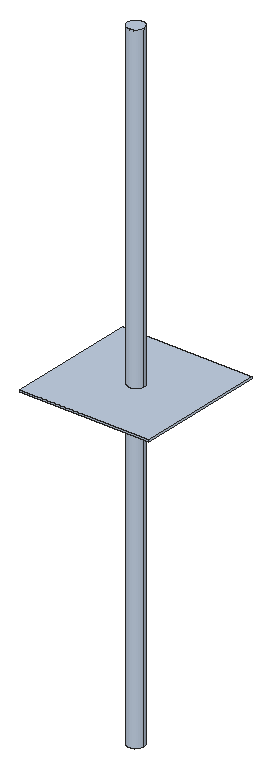
Revit family "EV_TIE ROD WATER STOP 15 L=600_9371981", category Generic Models, Revit 2018
Family settings
  Can host rebar = No
  Round Connector Dimension = Use Diameter
  Part Type = Normal
  OmniClass Number = 35.51.14.00
  OmniClass Title = FORMWORK
  Work Plane-Based = Yes
  Always vertical = No
  Cut with Voids When Loaded = No
  Shared = Yes
  Room Calculation Point = No
Parameters (values of type "EV_TIE ROD WATER STOP 15 L=600_9371981")
  VERSION = "20190101"  # constant formula
  URL = "www.ulmaconstruction.com/en"
  UNICLASS = ""
  Manufacturer = "ULMA CONSTRUCTION"  # constant formula
  ITEM_CODE = "9371981"
  FILTER [instance] = ""
  Default Elevation = 0.000 mm
  CLASSIFICATION_TITLE = ""
  CLASSIFICATION_NUMBER = ""
Reference planes
  plane 1 "Centro (Frontal/Posterior)": y = 0
  plane 2: z = 0
  plane 3 "Centro (Izquierda/Derecha)": x = 0
Forms (mm)
  Extrusion 1, solid, material "ULMA STEEL", detail levels medium+fine
    sketch origin (-337.479, 487.807, 0) x (1, 0, 0) y (0, 1, 0)
      loop
        line (277.479, -427.807) -> (277.479, -547.807) -> (397.479, -547.807) -> (397.479, -427.807) -> (277.479, -427.807)
    from -1 to 1
  Extrusion 2, solid, material "ULMA STEEL", detail levels medium+fine
    sketch origin (0, 0, 0) x (1, 0, 0) y (0, 1, 0)
      loop
        circle (0, 0) r 7.5
    from -300 to 300
Dimensions and locks
  aligned and locked: level to plane 2
